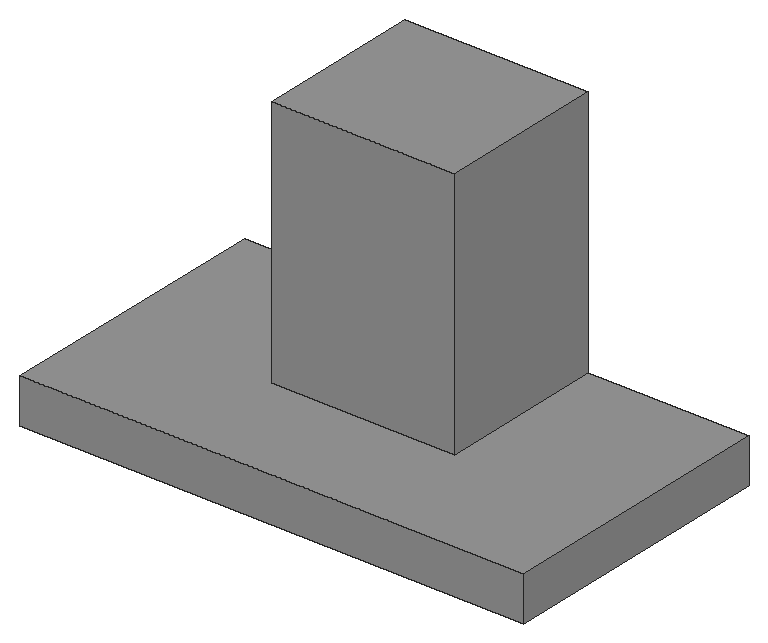
Revit family "Parex_SpecialityEquipment_Savina_Rangehood", category Specialty Equipment, Revit 2023
Family settings
  Round Connector Dimension = Use Diameter
  Part Type = Normal
  Work Plane-Based = No
  Enable Cutting in Views = Yes
  Always vertical = Yes
  Cut with Voids When Loaded = No
  Maintain Annotation Orientation = No
  Shared = No
  Room Calculation Point = No
Parameters
  Width = 900 mm
  WarrantyDescription = "5-Year in-home warranty on hood, 10-Year in-home warranty on motor"
  URL = "https://amorehomes.co.nz/"
  Type IFC Predefined Type = "NOTDEFINED"
  Specifications = "Quiet operation with external motor\r\nExpel smoke, grease, smells & steam outside\r\nEasy control with soft touch eye level controls\r\nGreat control with 5-speed levels\r\n15-Minute delay timer with auto shut-off\r\nTwin LED lights gives you great stove top lighting\r\nSturdy hood made of 1mm 430 stainless steel\r\nStainless steel dishwasher safe filters\r\nRemote control for optimum convenience\r\nDimensions: 900mm wide x 500mm deep\r\nIncludes 5m ducting"
  MountType = "Wall-Mount"
  Model = "Savina 900mm Wall-Mount"
  Material = Parex_Metal_430 Stainless Steel
  Manufacturer = "Amore Homes"
  HoodThickness = 80 mm
  Height = 1000 mm
  FilterMaterial = Parex_Metal_Filter
  Export Type to IFC As = "IfcElectricApplianceType"
  Description = "The Savina 900mm wall-mounted rangehood is perfect for up to a 900mm cooktop. It makes a bold statement with its sleek European design and can be paired with a motor to match your cooking needs."
  Depth = 500 mm
  Default Elevation = Height  # 1000 mm
  ChimneyWidth = 327 mm
  ChimneyHeightInput [instance] = 0 mm
  ChimneyHeight [instance] = if(ChimneyHeightInput < 450 mm, 450 mm, if(ChimneyHeightInput > 800 mm, 800 mm, ChimneyHeightInput))  # 450 mm
  ChimneyDepth = 296.6 mm
  Calc_RearFrameWidth = 90 mm
  Calc_FrameOffset = 10.326 mm
Reference planes
  plane 1 "Center (Front/Back)": y = 0
  plane 2: z = 0
  plane 3 "Center (Left/Right)": x = 0
  plane 4 "HoodBase": z = 862.038
  plane 5 "Left": x = -450
  plane 6 "Right": x = 450
  plane 7 "Front": y = -500
  plane 8 "ChimneyLeft": x = -163.5
  plane 9 "ChimneyRight": x = 163.5
  plane 10 "ChimneyFront": y = -296.6
  plane 11 "HoodTop": z = 942.038
  plane 12 "ChimneyTop": z = 1392.038
  plane 13: y = -90
  plane 14: x = -439.674
  plane 15: x = 439.674
  plane 16: y = -479.704
  plane 17: x = -146.558
  plane 18: x = 146.558
  plane 19: y = -45
  plane 20: x = -293.116
  plane 21: x = 293.116
Forms (mm)
  Extrusion 1, solid, material "Parex_Metal_430 Stainless Steel" <- "Material"
    sketch origin (0, 0, 0) x (1, 0, 0) y (0, 1, 0)
      loop
        line (-450, -500) -> (450, -500) -> (450, 0) -> (-450, 0) -> (-450, -500)
    from 862.038 to 942.038
  Extrusion 2, solid, material "Parex_Metal_430 Stainless Steel" <- "Material"
    sketch origin (0, 0, 0) x (1, 0, 0) y (0, 1, 0)
      loop
        line (-163.5, 0) -> (-163.5, -296.6) -> (163.5, -296.6) -> (163.5, 0) -> (-163.5, 0)
    from 942.038 to 1392.038
Lines and regions (mm)
  model lines, detail levels medium+fine
    curve 1: line (-439.674, -90, 862.038) -> (439.674, -90, 862.038)
    curve 2: line (439.674, -479.704, 862.038) -> (-439.674, -479.704, 862.038)
    curve 3: line (-439.674, -479.704, 862.038) -> (-439.674, -90, 862.038)
    curve 4: line (439.674, -479.704, 862.038) -> (439.674, -90, 862.038)
    curve 5: line (-146.558, -479.704, 862.038) -> (-146.558, -90, 862.038)
    curve 6: line (146.558, -479.704, 862.038) -> (146.558, -90, 862.038)
Dimensions and locks
  equal spacing: plane 5 "Left", plane 3 "Center (Left/Right)", plane 6 "Right"
  "Width": plane 5 "Left" to plane 6 "Right"
  "Depth": plane 7 "Front" to plane 1 "Center (Front/Back)"
  equal spacing: plane 8 "ChimneyLeft", plane 3 "Center (Left/Right)", plane 9 "ChimneyRight"
  "ChimneyDepth": plane 10 "ChimneyFront" to plane 1 "Center (Front/Back)"
  "ChimneyWidth": plane 8 "ChimneyLeft" to plane 9 "ChimneyRight"
  "Calc_FrameOffset": plane 5 "Left" to plane 14
  "Calc_FrameOffset": plane 15 to plane 6 "Right"
  equal spacing: plane 14, plane 17, plane 18, plane 15
  "Calc_RearFrameWidth": plane 1 "Center (Front/Back)" to plane 13
  equal spacing: plane 14, plane 20, plane 17
  equal spacing: plane 18, plane 21, plane 15
  equal spacing: plane 1 "Center (Front/Back)", plane 19, plane 13
  "ChimneyHeight": plane 12 "ChimneyTop" to plane 11 "HoodTop"
  "HoodThickness": plane 11 "HoodTop" to plane 4 "HoodBase"
  aligned and locked: level to plane 2
  aligned and locked: Extrusion 1 sketch curve to plane 7 "Front"
  aligned and locked: Extrusion 1 sketch curve to plane 5 "Left"
  aligned and locked: Extrusion 1 sketch curve to plane 1 "Center (Front/Back)"
  aligned and locked: Extrusion 1 sketch curve to plane 6 "Right"
  aligned and locked: plane 11 "HoodTop" to Extrusion 1
  aligned and locked: Extrusion 1 to plane 4 "HoodBase"
  aligned and locked: Extrusion 2 sketch curve to plane 8 "ChimneyLeft"
  aligned and locked: Extrusion 2 sketch curve to plane 10 "ChimneyFront"
  aligned and locked: Extrusion 2 sketch curve to plane 9 "ChimneyRight"
  aligned and locked: Extrusion 2 sketch curve to plane 1 "Center (Front/Back)"
  aligned and locked: plane 12 "ChimneyTop" to Extrusion 2
  aligned and locked: Extrusion 2 to plane 11 "HoodTop"
  aligned and locked: curve 1 to plane 13
  aligned and locked: curve 2 to plane 16
  aligned and locked: curve 3 to plane 14
  aligned and locked: curve 4 to plane 15
  aligned and locked: curve 5 to plane 17
  aligned and locked: curve 6 to plane 18
  aligned and locked: plane 16 to curve 5
  aligned and locked: plane 13 to curve 5
  aligned and locked: nested 1 to plane 19
  aligned and locked: plane 20 to nested 1
  aligned and locked: plane 4 "HoodBase" to nested 2
  aligned and locked: plane 21 to nested 3
  aligned and locked: plane 19 to nested 3
  aligned and locked: nested 2 to plane 14
  aligned and locked: plane 17 to nested 2
  aligned and locked: plane 13 to nested 2
  aligned and locked: plane 16 to nested 2
Nested families
  nested 1: "Parex_Generic_Spotlight" at (-293.116, -45, 862.038), type "Parex_Generic_Spotlight", detail levels medium+fine
  nested 2: "Parex_Generic_Filter" at (-293.116, -479.704, 859.481), FrameMaterial <- "Material", type "Parex_Generic_Filter", detail levels medium+fine
    with Width 293.116 mm, Depth 389.704 mm
  nested 3: "Parex_Generic_Spotlight" at (293.116, -45, 862.038) x (-1, 0, 0) z (0, 0, 1), type "Parex_Generic_Spotlight", detail levels medium+fine
  nested 4: "Parex_Generic_Filter" at (0, -479.704, 859.481), FrameMaterial <- "Material", type "Parex_Generic_Filter", detail levels medium+fine
    with Width 293.116 mm, Depth 389.704 mm
  nested 5: "Parex_Generic_Filter" at (293.116, -479.704, 859.481), FrameMaterial <- "Material", type "Parex_Generic_Filter", detail levels medium+fine
    with Width 293.116 mm, Depth 389.704 mm
Connectors
  hvac at (0, -148.3, 1392.038), driven by "ChimneyDepth", driven by "ChimneyWidth"
    settings: on Extrusion 2, index 1, duct flow 0.0 L/s, flow factor 0, pres drop 0.0 Pa, loss coef 0, conn angle 0.00°, conn width 327 mm, conn height 296.6 mm, conn diameter 609.6 mm, duct sys type 3, conn prof type 1, flow config 0, flow direction 0, loss method 0, conn ref index -1, conn util no, is conn primary yes, conn desc ""
Definition of nested family "Parex_Generic_Spotlight"
  Parameters (values of type "Parex_Generic_Spotlight")
    SpotlightMaterial = none
    SpotlightFrameMaterial = none
    InnerDiameter = Diameter - 5 mm  # 45 mm
    Diameter = 50 mm
    Default Elevation = 0 mm
  Reference planes
    plane 1 "Center (Front/Back)": y = 0
    plane 2: z = 0
    plane 3 "Center (Left/Right)": x = 0
    plane 4: z = -2.125
  Forms (mm)
    Extrusion 1, solid, material <- "SpotlightFrameMaterial", detail levels fine
      sketch origin (0, 0, 0) x (1, 0, 0) y (0, 1, 0)
        loop
          circle (0, 0) r 25
        loop
          circle (0, 0) r 22.5
      from -2.125 to 0
    Extrusion 2, solid, material <- "SpotlightMaterial", detail levels fine
      sketch origin (0, 0, 0) x (1, 0, 0) y (0, 1, 0)
        loop
          circle (0, 0) r 22.5
      from -2.125 to 0
  Lines and regions (mm)
    reference lines
      curve 1: circle (0, 0, 0) r 25 normal (0, 0, 1)
      curve 2: circle (0, 0, 0) r 22.5 normal (0, 0, 1)
    model lines
      curve 3: circle (0, 0, 0) r 25 normal (0, 0, 1)
      curve 4: circle (0, 0, 0) r 22.5 normal (0, 0, 1)
  Dimensions and locks
    "Diameter": diameter of curve 1
    "InnerDiameter": diameter of curve 2
    aligned and locked: level to plane 2
    aligned and locked: curve 3 to curve 1
    aligned and locked: curve 4 to curve 2
    aligned and locked: Extrusion 1 sketch curve to curve 1
    aligned and locked: Extrusion 1 sketch curve to curve 2
    aligned and locked: Extrusion 2 sketch curve to curve 2
    aligned and locked: Extrusion 1 to plane 4
    aligned and locked: Extrusion 2 to plane 4
    aligned and locked: plane 2 to Extrusion 1
    aligned and locked: plane 2 to Extrusion 2
  Automatic sketch dimensions
    curve 1 to curve 2 = 0 mm  (x2)
    plane 1 "Center (Front/Back)" to curve 2 = 0 mm
    curve 2 to plane 3 "Center (Left/Right)" = 0 mm
Definition of nested family "Parex_Generic_Filter"
  Parameters (values of type "Parex_Generic_Filter")
    Width [instance] = 300 mm
    HandleWidth = 60 mm
    HandleDepth = 50 mm
    GrillMaterial = none
    FrameWidth = 5 mm
    FrameMaterial [instance] = none
    Depth [instance] = 600 mm
    Default Elevation = 0 mm
  Reference planes
    plane 1 "Center (Front/Back)": y = 0
    plane 2: z = 0
    plane 3 "Center (Left/Right)": x = 0
    plane 4: x = -150
    plane 5: x = 150
    plane 6: y = 600
    plane 7: x = -145
    plane 8: y = 5
    plane 9: x = 145
    plane 10: y = 595
    plane 11: x = -30
    plane 12: y = 55
    plane 13: x = 30
    plane 14: y = 43
    plane 15: x = 10
    plane 16: y = 18
    plane 17: x = -10
    plane 18: z = 2.557
    plane 19: z = 1.225
  Forms (mm)
    Extrusion 1, solid, material <- "FrameMaterial", detail levels fine
      sketch origin (0, 0, 0) x (1, 0, 0) y (0, 1, 0)
        loop
          line (-150, 0) -> (150, 0) -> (150, 600) -> (-150, 600) -> (-150, 0)
        loop
          line (-145, 5) -> (-30, 5) -> (-30, 55) -> (30, 55) -> (30, 5) -> (145, 5) -> (145, 595) -> (-145, 595) -> (-145, 5)
      from 2.557 to 0
    Extrusion 2, solid, material <- "GrillMaterial", detail levels fine
      sketch origin (0, 0, 0) x (1, 0, 0) y (0, 1, 0)
        loop
          line (-145, 5) -> (-30, 5) -> (-30, 55) -> (30, 55) -> (30, 5) -> (145, 5) -> (145, 595) -> (-145, 595) -> (-145, 5)
      from 1.225 to 0
    Extrusion 3, solid, material <- "FrameMaterial", detail levels fine
      sketch origin (0, 0, 0) x (1, 0, 0) y (0, 1, 0)
        loop
          line (-145, 5) -> (-30, 5) -> (-30, 55) -> (30, 55) -> (30, 5) -> (145, 5) -> (145, 595) -> (-145, 595) -> (-145, 5)
      from 2.557 to 1.225
  Lines and regions (mm)
    model lines
      curve 1: line (150, 0, 0) -> (-150, 0, 0)
      curve 2: line (-150, 0, 0) -> (-150, 600, 0)
      curve 3: line (150, 0, 0) -> (150, 600, 0)
      curve 4: line (-150, 600, 0) -> (150, 600, 0)
      curve 5: line (145, 595, 0) -> (-145, 595, 0)
      curve 6: line (145, 5, 0) -> (145, 595, 0)
      curve 7: line (-145, 5, 0) -> (-145, 595, 0)
      curve 8: line (-145, 5, 0) -> (145, 5, 0)
      curve 9: line (-30, 5, 0) -> (-30, 55, 0)
      curve 10: line (30, 55, 0) -> (30, 5, 0)
      curve 11: line (-30, 55, 0) -> (30, 55, 0)
      curve 12: line (-10, 18, 0) -> (-10, 43, 0)
      curve 13: line (10, 43, 0) -> (10, 18, 0)
      curve 14: line (-10, 43, 0) -> (10, 43, 0)
      curve 15: line (10, 18, 0) -> (-10, 18, 0)
  Dimensions and locks
    equal spacing: plane 4, plane 3 "Center (Left/Right)", plane 5
    "Width": plane 4 to plane 5
    "Depth": plane 1 "Center (Front/Back)" to plane 6
    "FrameWidth": plane 1 "Center (Front/Back)" to plane 8
    "FrameWidth": plane 10 to plane 6
    "FrameWidth": plane 4 to plane 7
    "FrameWidth": plane 9 to plane 5
    equal spacing: plane 11, plane 3 "Center (Left/Right)", plane 13
    "HandleWidth": plane 11 to plane 13
    "HandleDepth": plane 12 to plane 8
    locked: plane 16 to plane 14 at 25
    equal spacing: plane 17, plane 3 "Center (Left/Right)", plane 15
    plane 17 to plane 15 = 20 mm
    locked: plane 12 to plane 14 at 12
    aligned and locked: level to plane 2
    aligned and locked: curve 1 to plane 1 "Center (Front/Back)"
    aligned and locked: curve 2 to plane 4
    aligned and locked: curve 3 to plane 5
    aligned and locked: curve 4 to plane 6
    aligned and locked: curve 5 to plane 10
    aligned and locked: curve 6 to plane 9
    aligned and locked: curve 7 to plane 7
    aligned and locked: curve 8 to plane 8
    aligned and locked: curve 9 to plane 11
    aligned and locked: curve 10 to plane 13
    aligned and locked: curve 11 to plane 12
    aligned and locked: curve 12 to plane 17
    aligned and locked: plane 15 to curve 13
    aligned and locked: curve 14 to plane 14
    aligned and locked: curve 15 to plane 16
    aligned and locked: plane 8 to curve 9
    aligned and locked: Extrusion 1 sketch curve to plane 4
    aligned and locked: Extrusion 1 sketch curve to plane 7
    aligned and locked: Extrusion 1 sketch curve to plane 9
    aligned and locked: Extrusion 1 sketch curve to plane 5
    aligned and locked: Extrusion 1 sketch curve to plane 1 "Center (Front/Back)"
    aligned and locked: Extrusion 1 sketch curve to plane 8
    aligned and locked: Extrusion 1 sketch curve to plane 13
    aligned and locked: Extrusion 1 sketch curve to plane 11
    aligned and locked: Extrusion 1 sketch curve to plane 12
    aligned and locked: Extrusion 1 sketch curve to plane 6
    aligned and locked: Extrusion 1 sketch curve to plane 10
    aligned and locked: Extrusion 2 sketch curve to plane 7
    aligned and locked: Extrusion 2 sketch curve to plane 8
    aligned and locked: Extrusion 2 sketch curve to plane 11
    aligned and locked: Extrusion 2 sketch curve to plane 13
    aligned and locked: Extrusion 2 sketch curve to plane 12
    aligned and locked: Extrusion 2 sketch curve to plane 9
    aligned and locked: Extrusion 2 sketch curve to plane 10
    aligned and locked: Extrusion 1 to plane 18
    aligned and locked: plane 2 to Extrusion 1
    aligned and locked: plane 2 to Extrusion 2
    aligned and locked: plane 19 to Extrusion 2
    aligned and locked: Extrusion 3 sketch curve to plane 8  (x2)
    aligned and locked: Extrusion 3 sketch curve to plane 13
    aligned and locked: Extrusion 3 sketch curve to plane 12
    aligned and locked: Extrusion 3 sketch curve to plane 11
    aligned and locked: Extrusion 3 sketch curve to plane 7
    aligned and locked: Extrusion 3 sketch curve to plane 9
    aligned and locked: Extrusion 3 sketch curve to plane 10
    aligned and locked: Extrusion 3 to plane 19
    aligned and locked: plane 18 to Extrusion 3
  Automatic sketch dimensions
    Extrusion 1 sketch curve to plane 8 = 0 mm
    Extrusion 2 sketch curve to plane 8 = 0 mm
